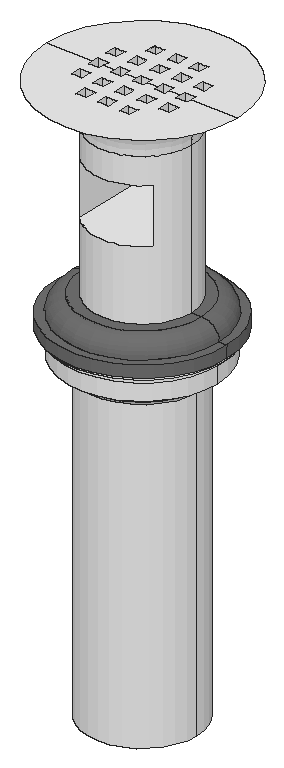
Revit family "Lavatory-Grohe-Darin-28951000", category Plumbing Fixtures, Revit 2014
Parameters (values of type "28951000")
  Width = 2 3/16"
  Waste Connection Radius = 5/8"
  Waste Connection Diameter = Waste Connection Radius * 2  # 1 1/4"
  Waste Connection = yes
  WFU = 2
  Vent Connection = no
  URL = "https://www.grohe.ca/en_ca/"
  Product Page URL = "https://www.grohe.ca/en_ca/lavatory-grid-waste-28951000.html"
  Price = "Prices may vary. Please consult Manufacturer Representative for most up-to-date price list."  # constant formula
  Model = "28951000"
  Material = "Metal-Grohe-000-StarLight Chrome"
  Manufacturer = "GROHE"
  Height = 6 1/2"
  HWFU = 0
  HW Connection = no
  Finish = Metal-Grohe-000-StarLight Chrome
  Description = "Lavatory Grid Waste"
  Default Elevation = 0"
  Creation Date = "07/05/2017"
  CWFU = 0
  CW Connection = no
  Assembly Code = "D2030"
Reference planes (in)
  plane 1 "Center (Front/Back)": y = 0
  plane 2: z = 0
  plane 3 "Center (Left/Right)": x = 0
  plane 4: through (0, -7.3125, 7.9375) normal (0, -0.9848, 0.1736)
  plane 5: z = -6.5
  plane 6: x = 1.09375
  plane 7: x = -1.09375
  plane 8: x = 0.625
  plane 9: x = -0.625
  plane 10: x = 0.5625
  plane 11: x = -0.5625
  plane 12: z = -2.375
Forms (in)
  Revolve 1, solid, material "Metal-Grohe-000-StarLight Chrome"
    sketch origin (0, 0, 0) x (1, 0, 0) y (0, 0, 1)
      loop
        line (0, 0) -> (0, -2.95045) -> (0.59375, -2.95045) -> (0.59375, -6.5) -> (0.625, -6.5) -> (0.625, -2.95045) -> (0.66722, -2.95045) -> (0.72375, -2.89391) -> (0.72375, -2.80597) -> (0.86374, -2.80597) -> (0.86374, -2.59573) -> (0.90143, -2.59573) -> (0.90143, -2.54393) -> (0.93912, -2.54393) -> (0.93912, -2.50983) -> (0.97192, -2.50983) -> (0.97192, -2.375) -> (0.87717, -2.375)
        arc (0.87717, -2.375) -> (0.82126, -2.24001) -> (0.68627, -2.1841) r 0.1909
        line (0.68627, -2.1841) -> (0.5625, -2.1841) -> (0.5625, -0.466)
        arc (0.5625, -0.466) -> (0.58385, -0.33667) -> (0.64562, -0.22105) r 0.40248
        arc (0.64562, -0.22105) -> (0.84391, -0.05827) -> (1.09375, 0) r 0.56477
        line (1.09375, 0) -> (0, 0)
      axis (0, 0) -> (0, -6.5)
    angle from 0 to 360
  Extrusion 2, void
    sketch origin (0, 0, 0) x (1, 0, 0) y (0, 0, 1)
      loop
        line (-0.42778, -0.76274) -> (-0.42778, -1.39086) -> (0.42778, -1.39086) -> (0.42778, -0.76274) -> (-0.42778, -0.76274)
    from -0.8422 to 0.88147
  Extrusion 3, void
    sketch origin (0, 0, 0) x (1, 0, 0) y (0, 1, 0)
      loop
        line (-0.0625, 0.0625) -> (-0.0625, -0.0625) -> (0.0625, -0.0625) -> (0.0625, 0.0625) -> (-0.0625, 0.0625)
      loop
        line (-0.0625, 0.3125) -> (-0.0625, 0.1875) -> (0.0625, 0.1875) -> (0.0625, 0.3125) -> (-0.0625, 0.3125)
      loop
        line (-0.0625, 0.4375) -> (0.0625, 0.4375) -> (0.0625, 0.5625) -> (-0.0625, 0.5625) -> (-0.0625, 0.4375)
      loop
        line (-0.0625, -0.3125) -> (0.0625, -0.3125) -> (0.0625, -0.1875) -> (-0.0625, -0.1875) -> (-0.0625, -0.3125)
      loop
        line (-0.0625, -0.4375) -> (-0.0625, -0.5625) -> (0.0625, -0.5625) -> (0.0625, -0.4375) -> (-0.0625, -0.4375)
      loop
        line (0.1875, 0.0625) -> (0.1875, -0.0625) -> (0.3125, -0.0625) -> (0.3125, 0.0625) -> (0.1875, 0.0625)
      loop
        line (0.1875, 0.3125) -> (0.1875, 0.1875) -> (0.3125, 0.1875) -> (0.3125, 0.3125) -> (0.1875, 0.3125)
      loop
        line (0.1875, 0.4375) -> (0.3125, 0.4375) -> (0.3125, 0.5625) -> (0.1875, 0.5625) -> (0.1875, 0.4375)
      loop
        line (0.1875, -0.3125) -> (0.3125, -0.3125) -> (0.3125, -0.1875) -> (0.1875, -0.1875) -> (0.1875, -0.3125)
      loop
        line (0.1875, -0.4375) -> (0.1875, -0.5625) -> (0.3125, -0.5625) -> (0.3125, -0.4375) -> (0.1875, -0.4375)
      loop
        line (0.5625, 0.0625) -> (0.4375, 0.0625) -> (0.4375, -0.0625) -> (0.5625, -0.0625) -> (0.5625, 0.0625)
      loop
        line (0.5625, 0.3125) -> (0.4375, 0.3125) -> (0.4375, 0.1875) -> (0.5625, 0.1875) -> (0.5625, 0.3125)
      loop
        line (0.5625, -0.3125) -> (0.5625, -0.1875) -> (0.4375, -0.1875) -> (0.4375, -0.3125) -> (0.5625, -0.3125)
      loop
        line (-0.1875, 0.0625) -> (-0.3125, 0.0625) -> (-0.3125, -0.0625) -> (-0.1875, -0.0625) -> (-0.1875, 0.0625)
      loop
        line (-0.1875, 0.3125) -> (-0.3125, 0.3125) -> (-0.3125, 0.1875) -> (-0.1875, 0.1875) -> (-0.1875, 0.3125)
      loop
        line (-0.1875, 0.4375) -> (-0.1875, 0.5625) -> (-0.3125, 0.5625) -> (-0.3125, 0.4375) -> (-0.1875, 0.4375)
      loop
        line (-0.1875, -0.3125) -> (-0.1875, -0.1875) -> (-0.3125, -0.1875) -> (-0.3125, -0.3125) -> (-0.1875, -0.3125)
      loop
        line (-0.1875, -0.4375) -> (-0.3125, -0.4375) -> (-0.3125, -0.5625) -> (-0.1875, -0.5625) -> (-0.1875, -0.4375)
      loop
        line (-0.5625, 0.0625) -> (-0.5625, -0.0625) -> (-0.4375, -0.0625) -> (-0.4375, 0.0625) -> (-0.5625, 0.0625)
      loop
        line (-0.5625, 0.3125) -> (-0.5625, 0.1875) -> (-0.4375, 0.1875) -> (-0.4375, 0.3125) -> (-0.5625, 0.3125)
      loop
        line (-0.5625, -0.3125) -> (-0.4375, -0.3125) -> (-0.4375, -0.1875) -> (-0.5625, -0.1875) -> (-0.5625, -0.3125)
    from -0.18414 to 0.09494
Cuts and joins
  Extrusion 2, Extrusion 3 cuts Revolve 1
Lines and regions (in)
  Masking region 1
    outline origin (0, 0, 0) x (1, 0, 0) y (0, 1, 0)
      loop
        circle (0, 0) r 1.09375
  symbolic lines, detail levels fine
    curve 1: line (-0.0625, 0.5625, 0) -> (0.0625, 0.5625, 0)
    curve 2: line (-0.0625, 0.4375, 0) -> (-0.0625, 0.5625, 0)
    curve 3: line (0.0625, 0.4375, 0) -> (-0.0625, 0.4375, 0)
    curve 4: line (0.0625, 0.5625, 0) -> (0.0625, 0.4375, 0)
    curve 5: line (-0.3125, 0.5625, 0) -> (-0.1875, 0.5625, 0)
    curve 6: line (-0.3125, 0.4375, 0) -> (-0.3125, 0.5625, 0)
    curve 7: line (-0.1875, 0.4375, 0) -> (-0.3125, 0.4375, 0)
    curve 8: line (-0.1875, 0.5625, 0) -> (-0.1875, 0.4375, 0)
    curve 9: line (0.1875, 0.5625, 0) -> (0.3125, 0.5625, 0)
    curve 10: line (0.1875, 0.4375, 0) -> (0.1875, 0.5625, 0)
    curve 11: line (0.3125, 0.4375, 0) -> (0.1875, 0.4375, 0)
    curve 12: line (0.3125, 0.5625, 0) -> (0.3125, 0.4375, 0)
    curve 13: line (-0.5625, 0.3125, 0) -> (-0.4375, 0.3125, 0)
    curve 14: line (-0.5625, 0.1875, 0) -> (-0.5625, 0.3125, 0)
    curve 15: line (-0.4375, 0.1875, 0) -> (-0.5625, 0.1875, 0)
    curve 16: line (-0.4375, 0.3125, 0) -> (-0.4375, 0.1875, 0)
    curve 17: line (-0.3125, 0.3125, 0) -> (-0.1875, 0.3125, 0)
    curve 18: line (-0.3125, 0.1875, 0) -> (-0.3125, 0.3125, 0)
    curve 19: line (-0.1875, 0.1875, 0) -> (-0.3125, 0.1875, 0)
    curve 20: line (-0.1875, 0.3125, 0) -> (-0.1875, 0.1875, 0)
    curve 21: line (-0.0625, 0.3125, 0) -> (0.0625, 0.3125, 0)
    curve 22: line (-0.0625, 0.1875, 0) -> (-0.0625, 0.3125, 0)
    curve 23: line (0.0625, 0.1875, 0) -> (-0.0625, 0.1875, 0)
    curve 24: line (0.0625, 0.3125, 0) -> (0.0625, 0.1875, 0)
    curve 25: line (0.1875, 0.3125, 0) -> (0.3125, 0.3125, 0)
    curve 26: line (0.1875, 0.1875, 0) -> (0.1875, 0.3125, 0)
    curve 27: line (0.3125, 0.1875, 0) -> (0.1875, 0.1875, 0)
    curve 28: line (0.3125, 0.3125, 0) -> (0.3125, 0.1875, 0)
    curve 29: line (0.4375, 0.3125, 0) -> (0.5625, 0.3125, 0)
    curve 30: line (0.4375, 0.1875, 0) -> (0.4375, 0.3125, 0)
    curve 31: line (0.5625, 0.1875, 0) -> (0.4375, 0.1875, 0)
    curve 32: line (0.5625, 0.3125, 0) -> (0.5625, 0.1875, 0)
    curve 33: line (0.4375, 0.0625, 0) -> (0.5625, 0.0625, 0)
    curve 34: line (0.4375, -0.0625, 0) -> (0.4375, 0.0625, 0)
    curve 35: line (0.5625, -0.0625, 0) -> (0.4375, -0.0625, 0)
    curve 36: line (0.5625, 0.0625, 0) -> (0.5625, -0.0625, 0)
    curve 37: line (0.1875, 0.0625, 0) -> (0.3125, 0.0625, 0)
    curve 38: line (0.1875, -0.0625, 0) -> (0.1875, 0.0625, 0)
    curve 39: line (0.3125, -0.0625, 0) -> (0.1875, -0.0625, 0)
    curve 40: line (0.3125, 0.0625, 0) -> (0.3125, -0.0625, 0)
    curve 41: line (-0.0625, 0.0625, 0) -> (0.0625, 0.0625, 0)
    curve 42: line (-0.0625, -0.0625, 0) -> (-0.0625, 0.0625, 0)
    curve 43: line (0.0625, -0.0625, 0) -> (-0.0625, -0.0625, 0)
    curve 44: line (0.0625, 0.0625, 0) -> (0.0625, -0.0625, 0)
    curve 45: line (-0.3125, 0.0625, 0) -> (-0.1875, 0.0625, 0)
    curve 46: line (-0.3125, -0.0625, 0) -> (-0.3125, 0.0625, 0)
    curve 47: line (-0.1875, -0.0625, 0) -> (-0.3125, -0.0625, 0)
    curve 48: line (-0.1875, 0.0625, 0) -> (-0.1875, -0.0625, 0)
    curve 49: line (-0.5625, 0.0625, 0) -> (-0.4375, 0.0625, 0)
    curve 50: line (-0.5625, -0.0625, 0) -> (-0.5625, 0.0625, 0)
    curve 51: line (-0.4375, -0.0625, 0) -> (-0.5625, -0.0625, 0)
    curve 52: line (-0.4375, 0.0625, 0) -> (-0.4375, -0.0625, 0)
    curve 53: line (-0.5625, -0.1875, 0) -> (-0.4375, -0.1875, 0)
    curve 54: line (-0.5625, -0.3125, 0) -> (-0.5625, -0.1875, 0)
    curve 55: line (-0.4375, -0.3125, 0) -> (-0.5625, -0.3125, 0)
    curve 56: line (-0.4375, -0.1875, 0) -> (-0.4375, -0.3125, 0)
    curve 57: line (-0.3125, -0.1875, 0) -> (-0.1875, -0.1875, 0)
    curve 58: line (-0.3125, -0.3125, 0) -> (-0.3125, -0.1875, 0)
    curve 59: line (-0.1875, -0.3125, 0) -> (-0.3125, -0.3125, 0)
    curve 60: line (-0.1875, -0.1875, 0) -> (-0.1875, -0.3125, 0)
    curve 61: line (-0.0625, -0.1875, 0) -> (0.0625, -0.1875, 0)
    curve 62: line (-0.0625, -0.3125, 0) -> (-0.0625, -0.1875, 0)
    curve 63: line (0.0625, -0.3125, 0) -> (-0.0625, -0.3125, 0)
    curve 64: line (0.0625, -0.1875, 0) -> (0.0625, -0.3125, 0)
    curve 65: line (0.1875, -0.1875, 0) -> (0.3125, -0.1875, 0)
    curve 66: line (0.1875, -0.3125, 0) -> (0.1875, -0.1875, 0)
    curve 67: line (0.3125, -0.3125, 0) -> (0.1875, -0.3125, 0)
    curve 68: line (0.3125, -0.1875, 0) -> (0.3125, -0.3125, 0)
    curve 69: line (0.4375, -0.1875, 0) -> (0.5625, -0.1875, 0)
    curve 70: line (0.4375, -0.3125, 0) -> (0.4375, -0.1875, 0)
    curve 71: line (0.5625, -0.3125, 0) -> (0.4375, -0.3125, 0)
    curve 72: line (0.5625, -0.1875, 0) -> (0.5625, -0.3125, 0)
    curve 73: line (0.1875, -0.4375, 0) -> (0.3125, -0.4375, 0)
    curve 74: line (0.1875, -0.5625, 0) -> (0.1875, -0.4375, 0)
    curve 75: line (0.3125, -0.5625, 0) -> (0.1875, -0.5625, 0)
    curve 76: line (0.3125, -0.4375, 0) -> (0.3125, -0.5625, 0)
    curve 77: line (-0.0625, -0.4375, 0) -> (0.0625, -0.4375, 0)
    curve 78: line (-0.0625, -0.5625, 0) -> (-0.0625, -0.4375, 0)
    curve 79: line (0.0625, -0.5625, 0) -> (-0.0625, -0.5625, 0)
    curve 80: line (0.0625, -0.4375, 0) -> (0.0625, -0.5625, 0)
    curve 81: line (-0.3125, -0.4375, 0) -> (-0.1875, -0.4375, 0)
    curve 82: line (-0.3125, -0.5625, 0) -> (-0.3125, -0.4375, 0)
    curve 83: line (-0.1875, -0.5625, 0) -> (-0.3125, -0.5625, 0)
    curve 84: line (-0.1875, -0.4375, 0) -> (-0.1875, -0.5625, 0)
Dimensions and locks (in)
  "Height": plane 2 to plane 5
  "Width": plane 7 to plane 6
  equal spacing: plane 7, plane 3 "Center (Left/Right)", plane 6
  plane 9 to plane 8 = 1 1/4"
  plane 11 to plane 10 = 1 1/8"
Automatic sketch dimensions
  Extrusion 2 sketch curve to plane 11 = 0.13472"
  Extrusion 2 sketch curve to plane 10 = 0.13472"
  Extrusion 2 sketch curve to plane 12 = 0.98414"
  Extrusion 2 sketch curve to Extrusion 2 sketch curve = 0.62813"
  Extrusion 3 sketch curve to plane 11 = 0"  (x3)
  Extrusion 3 sketch curve to plane 10 = 0"  (x3)
  Extrusion 3 sketch curve to Extrusion 3 sketch curve = 0"  (x18)
  Extrusion 3 sketch curve to plane 1 "Center (Front/Back)" = 1/16"  (x5)
  Extrusion 3 sketch curve to Extrusion 3 sketch curve = 1/8"  (x40)
  Extrusion 3 sketch curve to plane 3 "Center (Left/Right)" = 1/16"  (x5)
  plane 3 "Center (Left/Right)" to Extrusion 3 sketch curve = 1/16"  (x5)
  plane 1 "Center (Front/Back)" to Extrusion 3 sketch curve = 1/16"  (x5)
  plane 1 "Center (Front/Back)" to Masking region 1 sketch curve = 0"
  Masking region 1 sketch curve to plane 3 "Center (Left/Right)" = 0"
  curve 53 to plane 11 = 0"
  curve 13 to plane 11 = 0"
  curve 50 to plane 11 = 0"
  curve 72 to plane 10 = 0"
  curve 36 to plane 10 = 0"
  curve 29 to plane 10 = 0"
  curve 52 to plane 1 "Center (Front/Back)" = 1/16"
  curve 49 to curve 52 = 1/8"
  curve 16 to curve 49 = 0"
  curve 54 to curve 56 = 1/8"
  curve 6 to plane 11 = 1/4"
  curve 51 to curve 46 = 1/8"
  curve 83 to plane 11 = 1/4"
  curve 13 to curve 17 = 1/8"
  curve 53 to curve 57 = 1/8"
  curve 6 to curve 7 = 1/8"
  curve 58 to curve 60 = 1/8"
  curve 18 to curve 20 = 1/8"
  curve 82 to curve 83 = 1/8"
  curve 47 to curve 57 = 0"
  curve 23 to plane 3 "Center (Left/Right)" = 1/16"
  curve 62 to plane 3 "Center (Left/Right)" = 1/16"
  curve 77 to plane 3 "Center (Left/Right)" = 1/16"
  curve 3 to plane 3 "Center (Left/Right)" = 1/16"
  curve 43 to plane 3 "Center (Left/Right)" = 1/16"
  plane 3 "Center (Left/Right)" to curve 41 = 1/16"
  plane 3 "Center (Left/Right)" to curve 1 = 1/16"
  plane 3 "Center (Left/Right)" to curve 80 = 1/16"
  plane 3 "Center (Left/Right)" to curve 64 = 1/16"
  plane 3 "Center (Left/Right)" to curve 21 = 1/16"
  curve 79 to curve 74 = 1/8"
  curve 43 to curve 39 = 1/8"
  curve 1 to curve 9 = 1/8"
  curve 63 to curve 67 = 1/8"
  curve 23 to curve 27 = 1/8"
  curve 37 to plane 1 "Center (Front/Back)" = 1/16"
  curve 37 to curve 37 = 1/8"
  curve 10 to curve 12 = 1/8"
  curve 25 to curve 11 = 0"
  curve 65 to curve 39 = 0"
  curve 74 to curve 76 = 1/8"
  curve 34 to plane 1 "Center (Front/Back)" = 1/16"
  curve 37 to curve 34 = 1/8"
  curve 25 to curve 30 = 1/8"
  curve 67 to curve 71 = 1/8"
  curve 45 to plane 1 "Center (Front/Back)" = 1/16"
  curve 41 to plane 1 "Center (Front/Back)" = 1/16"
  plane 1 "Center (Front/Back)" to curve 43 = 1/16"
  plane 1 "Center (Front/Back)" to curve 40 = 1/16"
  plane 1 "Center (Front/Back)" to curve 46 = 1/16"
  plane 1 "Center (Front/Back)" to curve 36 = 1/16"
  plane 1 "Center (Front/Back)" to curve 50 = 1/16"
  curve 53 to curve 50 = 1/8"
  curve 72 to curve 35 = 1/8"
  curve 53 to curve 57 = 0"
  curve 68 to curve 69 = 0"
  curve 57 to curve 61 = 0"
  curve 63 to curve 61 = 1/8"
  curve 60 to curve 62 = 0"
  curve 63 to curve 66 = 0"
  curve 56 to curve 58 = 0"
  curve 67 to curve 70 = 0"
  curve 73 to curve 66 = 1/8"
  curve 80 to curve 73 = 0"
  curve 84 to curve 77 = 0"
  curve 74 to curve 73 = 1/8"
  curve 79 to curve 77 = 1/8"
  curve 82 to curve 81 = 1/8"
  curve 33 to curve 32 = 1/8"
  curve 49 to curve 15 = 1/8"
  curve 15 to curve 18 = 0"
  curve 28 to curve 30 = 0"
  curve 24 to curve 26 = 0"
  curve 22 to curve 22 = 1/8"
  curve 21 to curve 25 = 0"
  curve 20 to curve 21 = 0"
  curve 25 to curve 29 = 0"
  curve 16 to curve 17 = 0"
  curve 25 to curve 12 = 1/8"
  curve 3 to curve 10 = 0"
  curve 17 to curve 6 = 1/8"
  curve 6 to curve 6 = 1/8"
  curve 10 to curve 9 = 1/8"
  curve 4 to curve 9 = 0"
  Revolve 1 sketch curve to plane 3 "Center (Left/Right)" = 0"  (x2)
  Revolve 1 sketch curve to level = 0"
  plane 10 to Revolve 1 sketch curve = 1/32"
  Revolve 1 sketch curve to plane 10 = 0"
  Revolve 1 sketch curve to plane 8 = 0"
  Revolve 1 sketch curve to plane 12 = 0"
  Revolve 1 sketch curve to plane 6 = 0"
  Revolve 1 sketch curve to plane 5 = 0"
  Revolve 1 sketch curve to Revolve 1 sketch curve = 0.04222"
  plane 8 to Revolve 1 sketch curve = 0.06127"
  plane 8 to Revolve 1 sketch curve = 0.09875"
  Revolve 1 sketch curve to plane 6 = 0.23001"
  Revolve 1 sketch curve to Revolve 1 sketch curve = 0.1909"
  Revolve 1 sketch curve to Revolve 1 sketch curve = 0.03769"  (x2)
  Revolve 1 sketch curve to plane 6 = 0.12877"
  Revolve 1 sketch curve to Revolve 1 sketch curve = 0.09475"
  plane 12 to Revolve 1 sketch curve = 0.57545"
  Revolve 1 sketch curve to Revolve 1 sketch curve = 0"
  Revolve 1 sketch curve to Revolve 1 sketch curve = 0.05654"
  Revolve 1 sketch curve to Revolve 1 sketch curve = 0.08794"
  Revolve 1 sketch curve to Revolve 1 sketch curve = 0.21024"
  Revolve 1 sketch curve to Revolve 1 sketch curve = 0.05179"
  Revolve 1 sketch curve to Revolve 1 sketch curve = 0.0341"
  Revolve 1 sketch curve to level = 0.56477"
  Revolve 1 sketch curve to Revolve 1 sketch curve = 0.09877"
  Revolve 1 sketch curve to Revolve 1 sketch curve = 0.1908"
  Revolve 1 sketch curve to Revolve 1 sketch curve = 0.5592"
  radius of Masking region 1 sketch curve = 1 3/32"
Connectors (in)
  piping at (0, 0, -6.5), diameter 1.25, driven by "WFU", driven by "Waste Connection Diameter"
    settings: on cut or joined group of Revolve 1, Extrusion 2, Extrusion 3, index 1, connector inside diameter 24", connector length 0", flow factor 0, pipe flow 0 GPM, pressure drop 0.00 psi, fitting loss kfactor 0, connector angle 0.00°, fixture units 2, engagement length 0", angle of deflection 0.00°, flow configuration 3, flow direction 2, fitting loss method 0, system type 20, joint type 0, gender type 0, connector reference index -1, connector utility 0, adjustable connector no, is connector primary yes, connector description "1-1/4\" Waste Outlet"
